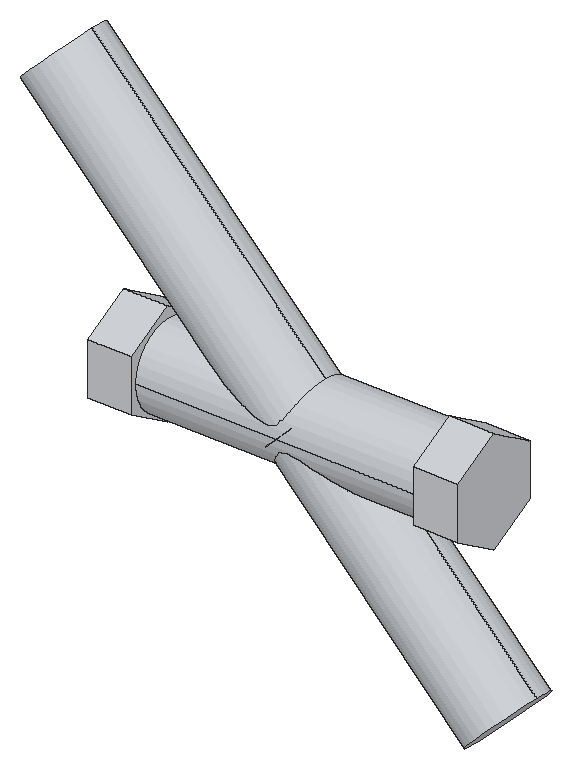
Revit family "304_Cim767 HP-_", category Pipe Accessories, Revit 2017
Family settings
  Round Connector Dimension = Use Diameter
  Part Type = Valve - Breaks Into
  Work Plane-Based = No
  Always vertical = Yes
  Cut with Voids When Loaded = No
  Shared = No
Parameters (values of type "Cim767 HP-15")
  magi_piping_given_dp [instance] = 0.0 Pa
  magiProductId = "Cim767 HP-15"
  magiProductFamilyId = "Cim767 HP-*"
  magiProductCode = "Cim767 HP-15"
  magiPartTypeId = 304
  ang2D [instance] = 0.00°
  W2D = 15 mm
  VersionID = "2.0/2015.11/CIMBERIO_CIM767OT_Q13_001"
  Use Minimum Symbol Size [instance] = yes
  URL = "www.cimberio.it"
  R1 = 13.5 mm
  QmdConnectorList = "301;D;302;D"
  Productdata [instance] = "© Progman Oy, all rights reserved"
  Manufacturer = "Cimberio"
  MC_Default_elevation = 0 mm
  LL4__ve = -LL4  # -73.11 mm
  LL4 = 73.11 mm
  LL3 = 89.995 mm
  LL2 = 72.96 mm
  LL1 = 48 mm
  L2D_Min = 3048 mm
  L2D = 96 mm
  Description = "DIFFERENTIAL PRESSURE CONTROL VALVE - PN 16 - \"CR\" BRASS - HIGH PRESSURE"
  DL__ve = -DL  # -11.52 mm
  DL = 11.52 mm
  DD2 = 21 mm
  DD1 = 21.6 mm
  D = 15 mm
  CenSd_R1_6 = R1 * cos(30.00°)  # 11.691 mm
  CAT0 = yes
Types (6, lengths in mm): name | magiProductId | magiProductCode | W2D | R1 | LL4__ve | LL4 | LL3 | LL2 | LL1 | L2D | DL__ve | DL | DD2 | DD1 | D | CenSd_R1_6
  Cim767 HP-15 | "Cim767 HP-15" | "Cim767 HP-15" | 15 | 13.5 | -73.11 | 73.11 | 89.995 | 72.96 | 48 | 96 | -11.52 | 11.52 | 21 | 21.6 | 15 | 11.691
  Cim767 HP-50 | "Cim767 HP-50" | "Cim767 HP-50" | 55 | 34 | -102.279 | 102.279 | 118.492 | 117.8 | 77.5 | 155 | -18.6 | 18.6 | 70 | 54.4 | 50 | 29.445
  Cim767 HP-40 | "Cim767 HP-40" | "Cim767 HP-40" | 40 | 27 | -100.208 | 100.208 | 114.593 | 110.2 | 72.5 | 145 | -17.4 | 17.4 | 56 | 43.2 | 40 | 23.383
  Cim767 HP-32 | "Cim767 HP-32" | "Cim767 HP-32" | 32 | 23.5 | -88.652 | 88.652 | 109.493 | 100.32 | 66 | 132 | -15.84 | 15.84 | 44.8 | 37.6 | 32 | 20.352
  Cim767 HP-25 | "Cim767 HP-25" | "Cim767 HP-25" | 25 | 19.5 | -92.152 | 92.152 | 113.693 | 100.32 | 66 | 132 | -15.84 | 15.84 | 35 | 31.2 | 25 | 16.887
  Cim767 HP-20 | "Cim767 HP-20" | "Cim767 HP-20" | 20 | 16 | -70.61 | 70.61 | 89.823 | 73.72 | 48.5 | 97 | -11.64 | 11.64 | 28 | 25.6 | 20 | 13.856
Reference planes
  plane 1 "Center (Front/Back)": y = 0
  plane 2 "XYPLANE": z = 0
  plane 3 "Center (Left/Right)": x = 0
  plane 4 "INIT_TEMP": y = 100
  plane 5 "106": y = 0
  plane 6 "105": z = 0
  plane 7 "104": x = -48
  plane 8 "103": x = 48
  plane 9 "102": x = -36.48
  plane 10 "99": y = 0
  plane 11 "98": through (-530.33, 0, -530.33) normal (-0.7071, 0, 0.7071)
  plane 12 "97": through (-530.33, 0, 530.33) normal (0.7071, 0, 0.7071)
  plane 13 "135XY": through (-530.33, 0, -530.33) normal (-0.7071, 0, 0.7071)
  plane 14 "135XZ": y = 0
  plane 15 "135YZ": through (-530.33, 0, 530.33) normal (0.7071, 0, 0.7071)
Forms (mm)
  Extrusion 1, solid, visible <- "CAT0"
    sketch origin (-48, -750, 0) x (0, 1, 0) y (0, 0, 1)
      loop
        line (750, 13.5) -> (738.309, 6.75) -> (738.309, -6.75) -> (750, -13.5) -> (761.691, -6.75) -> (761.691, 6.75) -> (750, 13.5)
    from 0 to 11.52 <- "DL"
  Extrusion 2, solid, visible <- "CAT0"
    sketch origin (48, -750, 0) x (0, 1, 0) y (0, 0, 1)
      loop
        line (750, 13.5) -> (738.309, 6.75) -> (738.309, -6.75) -> (750, -13.5) -> (761.691, -6.75) -> (761.691, 6.75) -> (750, 13.5)
    from 0 to -11.52 <- "DL__ve"
  Extrusion 3, solid, visible <- "CAT0"
    sketch origin (-36.48, -750, 0) x (0, 1, 0) y (0, 0, 1)
      loop
        circle (750, 0) r 10.8
    from 0 to 72.96 <- "LL2"
  Extrusion 4, solid, visible <- "CAT0"
    sketch origin (-530.33, 0, -530.33) x (0.707107, 0, 0.707107) y (0, 1, 0)
      loop
        circle (750, 0) r 10.5
    from 0 to -73.11 <- "LL4__ve"
  Extrusion 5, solid, visible <- "CAT0"
    sketch origin (-530.33, 0, -530.33) x (0.707107, 0, 0.707107) y (0, 1, 0)
      loop
        circle (750, 0) r 10.5
    from 0 to 89.995 <- "LL3"
  Extrusion 6, solid, not visible
    sketch origin (-48, -750, 0) x (0, 1, 0) y (0, 0, 1)
      loop
        circle (750, 0) r 10
    from 0 to 10
  Extrusion 7, solid, not visible
    sketch origin (48, -750, 0) x (0, 1, 0) y (0, 0, 1)
      loop
        circle (750, 0) r 10
    from 0 to -10
Lines and regions (mm)
  reference lines
    curve 1: circle (-48, 0, 0) r 1 normal (1, 0, 0)
    curve 2: circle (48, 0, 0) r 1 normal (-1, 0, 0)
Text (mm)
  text "© Progman Oy, all rights reserved" at (-472.209, -2482.653, 0), in view "Ref. Level"
Dimensions and locks
  plane 4 "INIT_TEMP" to plane 1 "Center (Front/Back)" = 100 mm
  locked: plane 1 "Center (Front/Back)" to plane 5 "106"
  locked: plane 2 "XYPLANE" to plane 6 "105"
  "LL1": plane 3 "Center (Left/Right)" to plane 7 "104"
  "LL1": plane 3 "Center (Left/Right)" to plane 8 "103"
  "DL": plane 7 "104" to plane 9 "102"
  locked: plane 14 "135XZ" to plane 10 "99"
  locked: plane 13 "135XY" to plane 11 "98"
  locked: plane 15 "135YZ" to plane 12 "97"
  "CenSd_R1_6": curve 1 to Extrusion 1 sketch curve  (x6)
  "R1": curve 1 to Extrusion 1 sketch curve  (x6)
  "CenSd_R1_6": curve 2 to Extrusion 2 sketch curve  (x6)
  "R1": curve 2 to Extrusion 2 sketch curve  (x6)
  "DD1": diameter of Extrusion 3 sketch curve
  "DD2": diameter of Extrusion 4 sketch curve
  "DD2": diameter of Extrusion 5 sketch curve
  aligned and locked: level to plane 2 "XYPLANE"
  aligned and locked: curve 1 to plane 5 "106"
  aligned and locked: plane 6 "105" to curve 1
  aligned and locked: curve 2 to plane 5 "106"
  aligned and locked: plane 6 "105" to curve 2
  aligned and locked: Extrusion 3 sketch curve to plane 5 "106"
  aligned and locked: plane 6 "105" to Extrusion 3 sketch curve
  aligned and locked: plane 10 "99" to Extrusion 4 sketch curve
  aligned and locked: Extrusion 4 sketch curve to plane 12 "97"
  aligned and locked: plane 10 "99" to Extrusion 5 sketch curve
  aligned and locked: Extrusion 5 sketch curve to plane 12 "97"
  aligned and locked: Extrusion 6 sketch curve to plane 5 "106"
  aligned and locked: plane 6 "105" to Extrusion 6 sketch curve
  aligned and locked: Extrusion 7 sketch curve to plane 5 "106"
  aligned and locked: plane 6 "105" to Extrusion 7 sketch curve
Automatic sketch dimensions
  plane 1 "Center (Front/Back)" to Extrusion 6 sketch curve = 10 mm
  plane 1 "Center (Front/Back)" to Extrusion 7 sketch curve = 10 mm
  radius of curve 1 = 1 mm
  radius of curve 2 = 1 mm
Connectors
  piping at (-48, 0, 0), diameter 15, driven by "D"
    settings: on Extrusion 6, index 1, connector inside diameter 609.6 mm, connector length 0 mm, flow factor 0, pipe flow 0.0 L/s, pressure drop 0.0 Pa, fitting loss kfactor 0, connector angle 0.00°, fixture units 0, engagement length 0 mm, angle of deflection 0.00°, flow configuration 0, flow direction 0, fitting loss method 0, system type 29, joint type 0, gender type 0, connector reference index 2, connector utility 0, adjustable connector no, is connector primary yes, connector description ""
  piping at (48, 0, 0), diameter 15, driven by "D"
    settings: on Extrusion 7, index 2, connector inside diameter 609.6 mm, connector length 0 mm, flow factor 0, pipe flow 0.0 L/s, pressure drop 0.0 Pa, fitting loss kfactor 0, connector angle 0.00°, fixture units 0, engagement length 0 mm, angle of deflection 0.00°, flow configuration 0, flow direction 0, fitting loss method 0, system type 29, joint type 0, gender type 0, connector reference index 1, connector utility 0, adjustable connector no, is connector primary no, connector description ""
